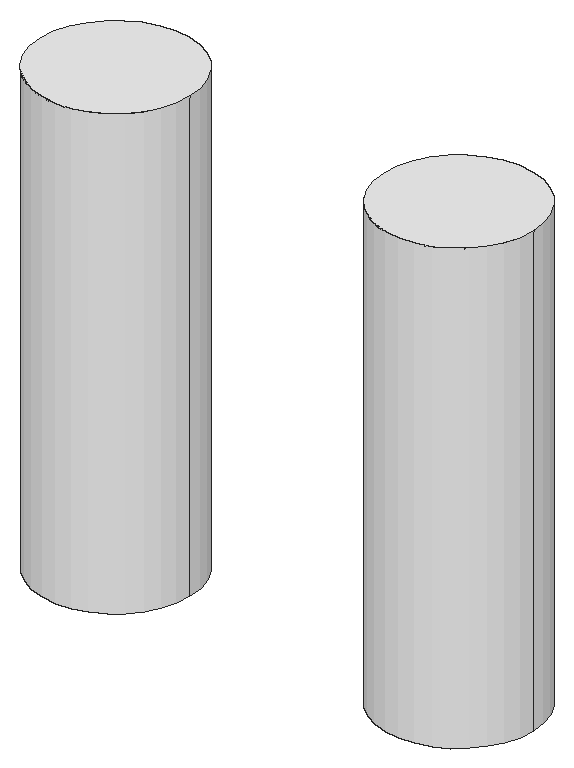
Revit family "93631129(2023)", category Plumbing Fixtures, Revit 2020
Family settings
  Round Connector Dimension = Use Diameter
  Part Type = Normal
  OmniClass Number = 23.45.55.00
  OmniClass Title = Sanitary Faucets, Wastes
  Work Plane-Based = No
  Always vertical = Yes
  Cut with Voids When Loaded = No
  Shared = No
  Room Calculation Point = No
Parameters (values of type "93631129 Washbasin faucet, 230/9 V, Bluetooth")
  Working Pressure = "100 - 1000 kPa"
  WarrantyStartDate [instance] = "n/a"
  WarrantyGuarantorParts = "n/a"
  WarrantyGuarantorLabor = "n/a"
  WarrantyDurationUnit = "Year"
  WarrantyDurationParts = "n/a"
  WarrantyDurationLabor = "n/a"
  WarrantyDescription = "http://warranty.hansa.com"
  Warranty Information URL = "http://warranty.hansa.com"
  VersionDate = "01/06/2023"
  Version = "1"
  ValvePattern = "n/a"
  ValveOperation = "n/a"
  ValveMechanism = "n/a"
  Uniclass2015Reference = "Pr_40_20_87_96"
  Uniclass2015Description = "Washbasin manual water supply sets"
  Uniclass2 = "Pr_40_30_96_96"
  URL WEEE = "http://static.hansa.com/WEEE/93631129"
  URL UWL = "http://static.hansa.com/UWL/93631129"
  URL REACH = "http://static.hansa.com/doc/reach"
  URL EcoLabel Declaration = "http://static.hansa.com/doc/EcoLabel"
  URL EU Packaging Declaration = "http://static.hansa.com/doc/packaging"
  URL Declaration of SCIP = "http://static.hansa.com/doc/SCIP"
  URL Declaration of Conformity = "http://static.hansa.com/DoC/93631129"
  URL Declaration of Asbestos = "http://static.hansa.com/doc/asbestos"
  URL Declaration Of Performance (DOP) = "http://static.hansa.com/doc/DoP"
  URL = ""
  UNSPSC Class Number = "30181700 Faucets or taps"
  Type Comments = ""
  TestPressure = "n/a"
  Temperature Adjustments = "Adjustable hot water stop (included, retrofittable)"
  Technical DataSheet URL = "http://www.hansa.com/datasheet/93631129/en"
  TagNumber [instance] = "n/a"
  SustainabilityPerformance = "n/a"
  Surface treatment = "Chrome"
  Spout Type = "Fixed spout"
  Spout Projection = "124 mm"
  Size = "70x170x190 mm"
  Shape = "Sculptured"
  SerialNumber [instance] = "n/a"
  Sales Package dimensions (LxWxH) = "568 x 182 x 78"
  Revision = "n/a"
  ReplacementCost = "n/a"
  Protection Class = "IP 55 / transformer IP 20"
  ProductInformation = "n/a"
  Product URL = "http://static.hansa.com/93631129"
  Product Image URL = "http://static.hansa.com/image/93631129"
  Product Family = "HANSAELECTRA "
  Product Code = "93631129"
  OperatingMechanismMaterial = "n/a"
  Operating Voltage = 9 V
  Operating Distance = "20-130 mm (110/130/160 mm)"
  NominalWidth = 68.942 mm
  NominalHeight = 190.012 mm
  NominalDepth = 167.912 mm
  Noise Class = "I (ISO 3822) "
  Name_en = "93631129 Washbasin faucet, 230/9 V, Bluetooth"
  Name = "93631129 Washbasin faucet, 230/9 V, Bluetooth"
  NBSReference = "45-35-70/371"
  NBSDescription = "Water supply fittings for wash basins and troughs"
  Mounting Holes = "1 hole"
  ModelReference = "93631129"
  ModelNumber = "n/a"
  Model = "93631129 Washbasin faucet, 230/9 V, Bluetooth"
  Mobile Product Information URL = "http://mpi.hansa.com/93631129"
  Mechanical Parts = "Mixing valve for manual temperature control;Non-return valve(s);Litter filter(s)"
  Max. Hot Water Supply = 70 °C
  Max Flow Period = "2 min (1 - 1800 s)"
  Material = "Brass"
  Market = "International;Germany;Austria;Switzerland;Belgium;Netherlands;Italy"
  ManufacturerURL = "http://www.hansa.com"
  ManufacturerName = "HANSA"
  Manufacturer = "HANSA"
  Long Marketing = "Electra 93 series give you a clean classic design with beautiful round body flowing into round spout design with a clear design line framing the faucet design.\nA Classic design with improved height for any installation.\n\nKey Features\nAerator with Tilt function +/- 10° for more flexible installation\nNewest Sensor technology for better detection and operation comfort\nBluetooth technology for easy adjustment to personalize settings \nLow Pressure\nPower Plug\n"
  Lever Handle = "Temperature control handle"
  Keynote = ""
  InstallationDate [instance] = "n/a"
  Installation Type = "Deck mounted"
  InletConnectionSize = 10 mm
  IfcExportType = "FAUCET"  # constant formula
  IfcExportAs = "IfcValveType"  # constant formula
  Group = "Washbasin faucet"
  Grade = "n/a"
  FlowCoefficient = 0
  Flow Rate At 300kPa With Flow Controller = 0.08 L/s
  Flow Drawing URL = "http://static.hansa.com/flowchart/93631129"
  Finish = "Polished"
  Features = "Touchless;Plug transformer;Bluetooth®"
  FaucetMainMaterial = Brass
  FDV Document URL = "http://www.hansa.com/datasheet/93631129/en/fdv"
  ExpectedLife = "n/a"
  Electronic Parts = ";Power supply;Light indicated function(s)"
  Electrical Connection = "230 / 9 V"
  ETIM Class Number = "EC010340 Electronic tap"
  EN Standard = "EN 15091"
  EMC Directive = "2014/53/EU , 2011/65/EU"
  EAN Number = "4057304019593"
  DurationUnit = "Year"
  Dimension Drawing URL = "http://static.hansa.com/dimdrw/93631129"
  Description = ""
  DefaultElevation [instance] = 900 mm
  Default Elevation = 0 mm
  Constituents = "n/a"
  Connection Size = "G3/8"
  Connection = "Flexible inlet pipes"
  Color = "Chrome"
  CodePerformance = "n/a"
  CloseOffRating = 0
  Catalog Drawing URL = "http://static.hansa.com/catdrw/93631129"
  CO2 Emissions (D) = -9.3
  CO2 Emissions (C4) = 0.35
  CO2 Emissions (C3) = 0.03
  CO2 Emissions (C2) = 0.02
  CO2 Emissions (C1) = 0
  CO2 Emissions (B7) = 301
  CO2 Emissions (A4) = 0.47
  CO2 Emissions (A1-A3) = 12.75
  Brand = "HANSA"
  BodyMaterial = "Brass"
  Bluetooth = "5.x (D060576)"
  Barcode [instance] = "n/a"
  Backflow Prevention EN1717 = "AA"
  BIMObjectName = "93631129(2023)"
  Automatic Flush Period = "30 s (1-1800 s)"
  Automatic Flush Frequency = "off (off/1-120 h)"
  Author = "BIMStone"
  AssetType = "Fixed"
  AssetIdentifier [instance] = "n/a"
  Afterflow Period = "3 s (1-20 s)"
  Aerator = "Laminar stream"
  Advanced Features = "3S-installation system for safe and simple mounting"
  AccessibilityPerformance = "n/a"
  2D/3D/BIM Files URL = "http://static.hansa.com/bim/93631129"
Reference planes
  plane 1 "Center (Front/Back)": y = 0
  plane 2: z = 0
  plane 3 "Center (Left/Right)": x = 0
  plane 4: x = -27.96
  plane 5: z = 900
  plane 6: z = 870
  plane 7: y = -167.912
  plane 8: x = 27.96
  plane 9: z = 1090.012
  plane 10: x = 40.982
Forms (mm)
  Extrusion 1, solid, material "Brass" <- "FaucetMainMaterial"
    sketch origin (0, -2.393, 0) x (1, 0, 0) y (0, 1, 0)
      loop
        circle (-11.5, -22.5) r 5
      loop
        circle (11.5, -22.5) r 5
    from 870 to 900
Dimensions and locks
  "DefaultElevation": plane 5 to level
  locked: plane 5 to plane 6 at 30
  "NominalDepth": plane 7 to plane 1 "Center (Front/Back)"
  equal spacing: plane 4, plane 3 "Center (Left/Right)", plane 8
  "NominalHeight": plane 9 to plane 5
  locked: plane 8 to plane 10 at 13.022
  "NominalWidth": plane 4 to plane 10
  "InletConnectionSize": diameter of Extrusion 1 sketch curve  (x2)
  aligned and locked: level to plane 2
  aligned and locked: plane 5 to Extrusion 1
  aligned and locked: Extrusion 1 to plane 6
  aligned and locked: plane 1 "Center (Front/Back)" to nested 2
  aligned and locked: plane 3 "Center (Left/Right)" to nested 2
  aligned and locked: plane 3 "Center (Left/Right)" to nested 1
  aligned and locked: plane 1 "Center (Front/Back)" to nested 1
  aligned and locked: plane 5 to nested 2
Automatic sketch dimensions
  Extrusion 1 sketch curve to plane 3 "Center (Left/Right)" = 11.5 mm
  plane 3 "Center (Left/Right)" to Extrusion 1 sketch curve = 11.5 mm
  plane 1 "Center (Front/Back)" to Extrusion 1 sketch curve = 24.893 mm
  Extrusion 1 sketch curve to Extrusion 1 sketch curve = 0 mm
Nested families
  nested 1: "Symbol" at (0, 0, 0), type "Symbol", detail levels coarse
  nested 2: "93631129(2023)_Body" at (0, 0, 900), Material <- "FaucetMainMaterial", type "93631129(2023)_Body"
    with Material Brass
Connectors
  piping at (-11.5, -24.893, 870), diameter 10, driven by "InletConnectionSize"
    settings: on Extrusion 1, index 1, connector inside diameter 609.6 mm, connector length 0 mm, flow factor 0, pipe flow 0.2 L/s, pressure drop 0.0 Pa, fitting loss kfactor 0, connector angle 0.00°, fixture units 0, engagement length 0 mm, angle of deflection 0.00°, flow configuration 1, flow direction 1, fitting loss method 0, system type 19, joint type 0, gender type 0, connector reference index -1, connector utility 0, adjustable connector no, is connector primary yes, connector description ""
  piping at (11.5, -24.893, 870), diameter 10, driven by "InletConnectionSize"
    settings: on Extrusion 1, index 2, connector inside diameter 609.6 mm, connector length 0 mm, flow factor 0, pipe flow 0.2 L/s, pressure drop 0.0 Pa, fitting loss kfactor 0, connector angle 0.00°, fixture units 0, engagement length 0 mm, angle of deflection 0.00°, flow configuration 1, flow direction 1, fitting loss method 0, system type 20, joint type 0, gender type 0, connector reference index -1, connector utility 0, adjustable connector no, is connector primary no, connector description ""
Definition of nested family "Symbol"
  Reference planes
    plane 1: y = 0
    plane 2: x = 0
  Lines and regions (mm)
    detail lines
      curve 1: line (0, 0, 0) -> (0, -1.8, 0)
      curve 2: line (-0.4, -1.1, 0) -> (0.4, -1.1, 0)
      curve 3: line (-0.4, -1.4, 0) -> (0.4, -1.4, 0)
      curve 4: line (0.863, 0, 0) -> (-0.863, 0, 0)
      curve 5: circle (-1.163, 0, 0) r 0.3 normal (0, 0, -1)
      curve 6: circle (1.163, 0, 0) r 0.3 normal (0, 0, 1)
